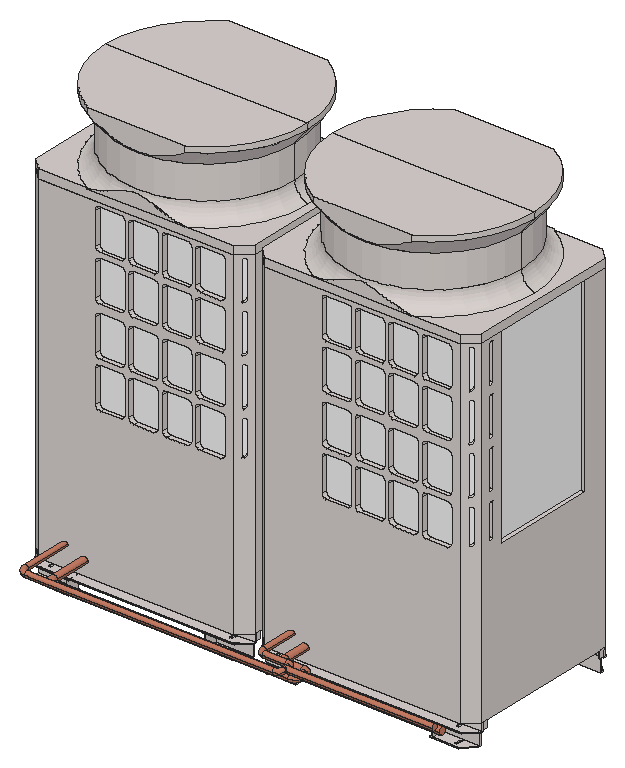
Revit family "PURY-EP550YSNW-A1", category 機械設備, Revit 2016 (continued)
Definition of nested family "PURY-EP250YNW-A1"
  Dimensions and locks
    cut or joined group 1 (Extrusion 1, Extrusion 2, Extrusion 3, Extrusion 4, Extrusion 5, Extrusion 6, Extrusion 7, Extrusion 8, Extrusion 9, Extrusion 10, Extrusion 11, Extrusion 12, Extrusion 13, Extrusion 14, Extrusion 15, Extrusion 16, Extrusion 17, Extrusion 20, Extrusion 21, Extrusion 22, Extrusion 23, Extrusion 24, Extrusion 25, Extrusion 26, Extrusion 27, Extrusion 28, Extrusion 29, Extrusion 30, Extrusion 31, Extrusion 32) to cut or joined group 1 = 820.000 mm
    cut or joined group 1 to cut or joined group 1 = 920.000 mm
    cut or joined group 1 to cut or joined group 1 = 740.000 mm
    nested 5 to cut or joined group 1 = 80.000 mm
    cut or joined group 1 to nested 4 to nested 5 = 80.000 mm, 760.000 mm
    cut or joined group 1 to nested 2 = 29.500 mm
    cut or joined group 1 to nested 3 to nested 2 = 29.500 mm, 681.000 mm
    cut or joined group 1 to cut or joined group 1 = 35.000 mm
    plane 6 "44" to cut or joined group 1 = 3.536 mm
    Extrusion 25 sketch curve to Extrusion 25 sketch curve = 20.000 mm
    cut or joined group 1 to cut or joined group 1 = 50.000 mm
    locked: Extrusion 19 to nested 2 at 116
    curve 137 to nested 2 = 90.000 mm
    curve 135 to nested 2 = 125.000 mm
    curve 133 to nested 2 = 110.000 mm
    cut or joined group 1 to curve 133 = 132.000 mm
    cut or joined group 1 to curve 135 = 207.000 mm
    cut or joined group 1 to curve 137 = 256.000 mm
    cut or joined group 1 to curve 126 to curve 128 = 125.000 mm, 148.000 mm
    curve 127 to curve 125 to nested 2 = 84.000 mm, 71.000 mm
    cut or joined group 1 to Extrusion 19 = 198.000 mm
    cut or joined group 1 to Extrusion 18 = 181.000 mm
    cut or joined group 1 to curve 29 = 166.000 mm
    cut or joined group 1 to curve 27 = 185.000 mm
    cut or joined group 1 to curve 28 = 110.000 mm
    curve 27 to cut or joined group 1 = 152.000 mm
    curve 28 to cut or joined group 1 = 172.000 mm
    curve 29 to cut or joined group 1 = 216.000 mm
    cut or joined group 1 to curve 9 to curve 11 = 79.000 mm, 94.000 mm
    cut or joined group 1 to curve 12 to curve 10 = 128.000 mm, 150.000 mm
    cut or joined group 1 to plane 10 = 160.000 mm
    cut or joined group 1 to plane 11 = 243.000 mm
    nested 4 to nested 4 = 60.000 mm
    cut or joined group 1 to nested 2 = 32.000 mm
    nested 4 to nested 4 = 56.000 mm
    nested 2 to nested 2 to nested 2 = 20.000 mm, 54.000 mm
    nested 3 to nested 2 = 592.000 mm
    nested 3 to nested 3 = 20.000 mm
    aligned and locked: level to plane 2
    aligned and locked: nested 2 to nested 4
    aligned and locked: nested 2 to nested 5
  Nested families
    nested 1: "FAN GUARD" at (0, 0, 861), type "FAN GUARD"
      with WIDTH 920.000 mm
    nested 2: "BASE LEG" at (0, -352, 60), type "BASE LEG"
      with Width 920.000 mm
    nested 3: "BASE LEG" at (0, 352, 60), type "BASE LEG"
      with Width 920.000 mm
    nested 4: "ATTACHMENT LEG" at (-374, -349, 0), type "ATTACHMENT LEG"
    nested 5: "ATTACHMENT LEG" at (374, -349, 0) x (-1, 0, 0) z (0, 0, 1), type "ATTACHMENT LEG"
    nested 6: "ATTACHMENT LEG" at (-374, 349, 0), type "ATTACHMENT LEG"
    nested 7: "ATTACHMENT LEG" at (374, 349, 0) x (-1, 0, 0) z (0, 0, 1), type "ATTACHMENT LEG"
  Connectors
    piping at (-217, -189, 176), diameter 22.2, driven by "Gas pipe_radius"
      settings: on Extrusion 18, index 3, connector inside diameter 22.2 mm, connector length 0.000 mm, flow factor 0, pipe flow 0.0 L/s, pressure drop 0.0 Pa, fitting loss kfactor 0, connector angle 0.00°, fixture units 0, engagement length 0.000 mm, angle of deflection 0.00°, flow configuration 0, flow direction 0, fitting loss method 0, system type 22, joint type 0, gender type 0, connector reference index -1, connector utility 0, adjustable connector no, is connector primary yes, connector description "Refrigerant service valve (gas)"
    piping at (-300, -172, 176), diameter 9.52, driven by "Liquid pipe_radius"
      settings: on Extrusion 19, index 4, connector inside diameter 9.52 mm, connector length 0.000 mm, flow factor 0, pipe flow 0.0 L/s, pressure drop 0.0 Pa, fitting loss kfactor 0, connector angle 0.00°, fixture units 0, engagement length 0.000 mm, angle of deflection 0.00°, flow configuration 0, flow direction 0, fitting loss method 0, system type 22, joint type 0, gender type 0, connector reference index -1, connector utility 0, adjustable connector no, is connector primary no, connector description "Refrigerant service valve (Liquid)"
    electrical at (0, -370, 808)
      settings: on cut or joined group 1, index 5, voltage 415 V, apparent load 0 VA, apparent load phase1 0 VA, apparent load phase2 0 VA, apparent load phase3 0 VA, power factor 1, load classification none, number of poles 3, system type 30, power factor state 1, is connector primary yes, connector utility no, sub classification motor no, connector description ""
  Definition of nested family "FAN GUARD"
    Parameters
      WIDTH [instance] = 920.000 mm
    Reference planes
      plane 1 "中心(正面/背面)": y = 0
      plane 2: z = 0
      plane 3 "中心(左/右)": x = 0
      plane 4 "ファンガード基準面": z = 660
      plane 5: y = 370
      plane 6: y = -370
      plane 7: x = 460
      plane 8: x = -460
      plane 9 "ファンガード基準上面": z = 694
      plane 10 "ファンガード上面": z = 997
    Forms (mm)
      Extrusion 1, solid
        sketch origin (0, 0, 660) x (-1, 0, 0) y (0, -1, 0)
          loop
            line (410, -370) -> (460, -320) -> (460, 320) -> (410, 370) -> (-410, 370) -> (-460, 320) -> (-460, -320) -> (-410, -370) -> (410, -370)
        from 0 to 34
      Revolve 2, solid
        sketch origin (0, 0, 0) x (1, 0, 0) y (0, 0, 1)
          loop
            line (0, 694) -> (0, 997) -> (-423, 997) -> (-423, 973) -> (-368.829, 903.664) -> (-368.829, 764.141)
            arc (-368.829, 764.141) -> (-384.109, 719.678) -> (-423.494, 694) r 72.332
            line (-423.494, 694) -> (0, 694)
          axis (0, 997) -> (0, 694)
        angle from 0 to 360
      Extrusion 3, void
        sketch origin (0, 0, 694) x (-1, 0, 0) y (0, -1, 0)
          loop
            line (345, -370) -> (-345, -370) -> (-345, -545) -> (345, -545) -> (345, -370)
          loop
            line (345, 370) -> (345, 539.592) -> (-345, 539.592) -> (-345, 370) -> (345, 370)
        from 0 to 400
    Cuts and joins
      Extrusion 3 cuts Revolve 2
    Lines and regions (mm)
      model lines
        curve 1: line (-423, 0, 997) -> (-80, 0, 997)
        curve 2: line (80, 0, 997) -> (423, 0, 997)
        curve 3: circle (0, 0, 997) r 80 normal (0, 0, 1)
        curve 4: line (-415.366, -80, 997) -> (415.366, -80, 997)
        curve 5: line (-391.572, -160, 997) -> (391.572, -160, 997)
        curve 6: line (-348.323, -240, 997) -> (348.323, -240, 997)
        curve 7: line (-276.639, -320, 997) -> (276.639, -320, 997)
        curve 8: line (-415.366, 80, 997) -> (415.366, 80, 997)
        curve 9: line (-391.572, 160, 997) -> (391.572, 160, 997)
        curve 10: line (-348.323, 240, 997) -> (348.323, 240, 997)
        curve 11: line (-276.639, 320, 997) -> (276.639, 320, 997)
        curve 12: line (0, 370, 997) -> (0, -370, 997)
        curve 13: line (-20, 370, 997) -> (-20, -370, 997)
        curve 14: line (-40, 370, 997) -> (-40, -370, 997)
        curve 15: line (-60, 370, 997) -> (-60, -370, 997)
        curve 16: line (-80, 370, 997) -> (-80, -370, 997)
        curve 17: line (20, 370, 997) -> (20, -370, 997)
        curve 18: line (40, 370, 997) -> (40, -370, 997)
        curve 19: line (60, 370, 997) -> (60, -370, 997)
        curve 20: line (80, 370, 997) -> (80, -370, 997)
        curve 21: line (100, 370, 997) -> (100, -370, 997)
        curve 22: line (120, 370, 997) -> (120, -370, 997)
        curve 23: line (140, 370, 997) -> (140, -370, 997)
        curve 24: line (160, 370, 997) -> (160, -370, 997)
        curve 25: line (180, 370, 997) -> (180, -370, 997)
        curve 26: line (200, 370, 997) -> (200, -370, 997)
        curve 27: line (220, 361.288, 997) -> (220, -361.288, 997)
        curve 28: line (240, 348.323, 997) -> (240, -348.323, 997)
        curve 29: line (260, 333.66, 997) -> (260, -333.66, 997)
        curve 30: line (280, 317.063, 997) -> (280, -317.063, 997)
        curve 31: line (300, 298.21, 997) -> (300, -298.21, 997)
        curve 32: line (320, 276.639, 997) -> (320, -276.639, 997)
        curve 33: line (340, 251.653, 997) -> (340, -251.653, 997)
        curve 34: line (360, 222.101, 997) -> (360, -222.101, 997)
        curve 35: line (380, 185.82, 997) -> (380, -185.82, 997)
        curve 36: line (400, 137.583, 997) -> (400, -137.583, 997)
        curve 37: line (420, 50.289, 997) -> (420, -50.289, 997)
        curve 38: line (-100, 370, 997) -> (-100, -370, 997)
        curve 39: line (-120, 370, 997) -> (-120, -370, 997)
        curve 40: line (-140, 370, 997) -> (-140, -370, 997)
        curve 41: line (-160, 370, 997) -> (-160, -370, 997)
        curve 42: line (-180, 370, 997) -> (-180, -370, 997)
        curve 43: line (-200, 370, 997) -> (-200, -370, 997)
        curve 44: line (-220, 361.288, 997) -> (-220, -361.288, 997)
        curve 45: line (-240, 348.323, 997) -> (-240, -348.323, 997)
        curve 46: line (-260, 333.66, 997) -> (-260, -333.66, 997)
        curve 47: line (-280, 317.063, 997) -> (-280, -317.063, 997)
        curve 48: line (-300, 298.21, 997) -> (-300, -298.21, 997)
        curve 49: line (-320, 276.639, 997) -> (-320, -276.639, 997)
        curve 50: line (-340, 251.653, 997) -> (-340, -251.653, 997)
        curve 51: line (-360, 222.101, 997) -> (-360, -222.101, 997)
        curve 52: line (-380, 185.82, 997) -> (-380, -185.82, 997)
        curve 53: line (-400, 137.583, 997) -> (-400, -137.583, 997)
        curve 54: line (-420, 50.289, 997) -> (-420, -50.289, 997)
        curve 55: line (10, 79.373, 997) -> (10, -79.373, 997)
        curve 56: line (-10, 79.373, 997) -> (-10, -79.373, 997)
        curve 57: line (30, 74.162, 997) -> (30, -74.162, 997)
        curve 58: line (50, 62.45, 997) -> (50, -62.45, 997)
        curve 59: line (70, 38.73, 997) -> (70, -38.73, 997)
        curve 60: line (-30, 74.162, 997) -> (-30, -74.162, 997)
        curve 61: line (-50, 62.45, 997) -> (-50, -62.45, 997)
        curve 62: line (-70, 38.73, 997) -> (-70, -38.73, 997)
    Dimensions and locks
      "WIDTH": plane 8 to plane 7
      locked: plane 6 to plane 5 at 740
      equal spacing: plane 8, plane 3 "中心(左/右)", plane 7
      equal spacing: plane 6, plane 1 "中心(正面/背面)", plane 5
      plane 3 "中心(左/右)" to Revolve 2 sketch curve = 423.000 mm
      locked: plane 10 "ファンガード上面" to plane 9 "ファンガード基準上面" at 303
      aligned and locked: level to plane 2
      aligned and locked: plane 5 to Extrusion 1 sketch curve
      aligned and locked: Extrusion 1 sketch curve to plane 6
      aligned and locked: plane 8 to Extrusion 1 sketch curve
      aligned and locked: plane 7 to Extrusion 1 sketch curve
      aligned and locked: plane 9 "ファンガード基準上面" to Extrusion 1
      aligned and locked: plane 4 "ファンガード基準面" to Extrusion 1
      aligned and locked: plane 9 "ファンガード基準上面" to Revolve 2 sketch curve
      aligned and locked: Revolve 2 sketch curve to plane 3 "中心(左/右)"
      aligned and locked: Extrusion 1 to Extrusion 3 sketch curve
      aligned and locked: Extrusion 3 sketch curve to Extrusion 1
      aligned and locked: cut or joined group of Revolve 2, Extrusion 3 to plane 10 "ファンガード上面"
    Automatic sketch dimensions
      Extrusion 1 sketch curve to plane 7 = 50.000 mm  (x2)
      plane 8 to Extrusion 1 sketch curve = 50.000 mm  (x2)
      plane 5 to Extrusion 1 sketch curve = 50.000 mm  (x2)
      Extrusion 1 sketch curve to plane 6 = 50.000 mm  (x2)
      plane 3 "中心(左/右)" to Extrusion 3 sketch curve = 345.000 mm  (x2)
      Extrusion 3 sketch curve to plane 3 "中心(左/右)" = 345.000 mm  (x2)
      Extrusion 3 sketch curve to Extrusion 3 sketch curve = 175.000 mm
      Extrusion 3 sketch curve to Extrusion 3 sketch curve = 169.592 mm
      plane 1 "中心(正面/背面)" to curve 2 = 0.000 mm
      plane 1 "中心(正面/背面)" to curve 3 = 0.000 mm
      curve 3 to plane 3 "中心(左/右)" = 0.000 mm
      curve 12 to plane 3 "中心(左/右)" = 0.000 mm
      plane 1 "中心(正面/背面)" to curve 1 = 0.000 mm
      plane 3 "中心(左/右)" to curve 55 = 10.000 mm
      curve 17 to curve 12 = 20.000 mm
      curve 57 to curve 55 = 20.000 mm
      curve 18 to curve 17 = 20.000 mm
      curve 58 to curve 57 = 20.000 mm
      curve 19 to curve 18 = 20.000 mm
      curve 59 to curve 58 = 20.000 mm
      curve 20 to curve 19 = 20.000 mm
      curve 2 to curve 59 = 10.000 mm
      curve 21 to curve 20 = 20.000 mm
      curve 22 to curve 21 = 20.000 mm
      curve 23 to curve 22 = 20.000 mm
      curve 24 to curve 23 = 20.000 mm
      curve 25 to curve 24 = 20.000 mm
      curve 26 to curve 25 = 20.000 mm
      curve 27 to curve 26 = 20.000 mm
      curve 28 to curve 27 = 20.000 mm
      curve 29 to curve 28 = 20.000 mm
      curve 11 to curve 29 = 16.639 mm
      curve 7 to curve 29 = 16.639 mm
      curve 30 to curve 7 = 3.361 mm
      curve 31 to curve 30 = 20.000 mm
      curve 32 to curve 31 = 20.000 mm
      curve 33 to curve 32 = 20.000 mm
      curve 6 to curve 33 = 8.323 mm
      curve 10 to curve 33 = 8.323 mm
      curve 34 to curve 10 = 11.677 mm
      curve 35 to curve 34 = 20.000 mm
      curve 9 to curve 35 = 11.572 mm
      curve 5 to curve 35 = 11.572 mm
      curve 36 to curve 9 = 8.428 mm
      curve 8 to curve 36 = 15.366 mm
      curve 4 to curve 36 = 15.366 mm
      curve 37 to curve 8 = 4.634 mm
      curve 2 to curve 37 = 3.000 mm
      curve 56 to plane 3 "中心(左/右)" = 10.000 mm
      curve 13 to plane 3 "中心(左/右)" = 20.000 mm
      curve 56 to curve 60 = 20.000 mm
      curve 13 to curve 14 = 20.000 mm
      curve 60 to curve 61 = 20.000 mm
      curve 14 to curve 15 = 20.000 mm
      curve 61 to curve 62 = 20.000 mm
      curve 15 to curve 16 = 20.000 mm
      curve 16 to curve 38 = 20.000 mm
      curve 38 to curve 39 = 20.000 mm
      curve 39 to curve 40 = 20.000 mm
      curve 40 to curve 41 = 20.000 mm
      curve 41 to curve 42 = 20.000 mm
      curve 42 to curve 43 = 20.000 mm
      curve 43 to curve 44 = 20.000 mm
      curve 44 to curve 45 = 20.000 mm
      curve 45 to curve 46 = 20.000 mm
      curve 46 to curve 7 = 16.639 mm
      curve 46 to curve 11 = 16.639 mm
      curve 7 to curve 47 = 3.361 mm
      curve 47 to curve 48 = 20.000 mm
      curve 48 to curve 49 = 20.000 mm
      curve 49 to curve 50 = 20.000 mm
      curve 50 to curve 6 = 8.323 mm
      curve 50 to curve 10 = 8.323 mm
      curve 10 to curve 51 = 11.677 mm
      curve 51 to curve 52 = 20.000 mm
      curve 52 to curve 9 = 11.572 mm
      curve 52 to curve 5 = 11.572 mm
      curve 5 to curve 53 = 8.428 mm
      curve 53 to curve 4 = 15.366 mm
      curve 53 to curve 8 = 15.366 mm
      curve 4 to curve 54 = 4.634 mm
      curve 54 to curve 1 = 3.000 mm
      curve 8 to plane 1 "中心(正面/背面)" = 80.000 mm
      curve 36 to curve 8 = 57.583 mm
      curve 53 to curve 8 = 57.583 mm
      curve 9 to curve 36 = 22.417 mm
      curve 52 to curve 9 = 25.820 mm
      curve 35 to curve 9 = 25.820 mm
      curve 51 to curve 52 = 36.282 mm
      curve 34 to curve 35 = 36.282 mm
      curve 10 to curve 51 = 17.899 mm
      curve 33 to curve 10 = 11.653 mm
      curve 50 to curve 10 = 11.653 mm
      curve 49 to curve 50 = 24.986 mm
      curve 32 to curve 33 = 24.986 mm
      curve 48 to curve 49 = 21.571 mm
      curve 31 to curve 32 = 21.571 mm
      curve 47 to curve 48 = 18.853 mm
      curve 30 to curve 31 = 18.853 mm
      curve 11 to curve 30 = 2.937 mm
      curve 29 to curve 11 = 13.660 mm
      curve 46 to curve 11 = 13.660 mm
      curve 28 to curve 29 = 14.663 mm
      curve 45 to curve 46 = 14.663 mm
      curve 44 to curve 45 = 12.965 mm
      curve 27 to curve 28 = 12.965 mm
      curve 12 to curve 27 = 8.712 mm
      curve 12 to curve 21 = 0.000 mm
      curve 13 to curve 12 = 0.000 mm
      curve 14 to curve 13 = 0.000 mm  (x2)
      curve 12 to curve 18 = 0.000 mm
      curve 21 to curve 23 = 0.000 mm
      curve 43 to curve 44 = 8.712 mm
      curve 23 to curve 24 = 0.000 mm  (x2)
      curve 43 to curve 42 = 0.000 mm  (x2)
      curve 24 to curve 25 = 0.000 mm  (x2)
      curve 42 to curve 41 = 0.000 mm  (x2)
      curve 25 to curve 26 = 0.000 mm  (x2)
      curve 41 to curve 40 = 0.000 mm  (x2)
      curve 20 to curve 21 = 0.000 mm  (x2)
      curve 40 to curve 39 = 0.000 mm  (x2)
      curve 15 to curve 14 = 0.000 mm
      curve 39 to curve 38 = 0.000 mm
      curve 38 to curve 16 = 0.000 mm  (x2)
      curve 18 to curve 19 = 0.000 mm  (x2)
      curve 12 to curve 17 = 0.000 mm  (x2)
      curve 21 to curve 22 = 0.000 mm  (x2)
      curve 8 to curve 37 = 29.711 mm
      curve 8 to curve 54 = 29.711 mm
      plane 1 "中心(正面/背面)" to curve 37 = 50.289 mm
      plane 1 "中心(正面/背面)" to curve 54 = 50.289 mm
      curve 37 to curve 4 = 29.711 mm
      curve 4 to curve 36 = 57.583 mm
      curve 4 to curve 53 = 57.583 mm
      curve 36 to curve 5 = 22.417 mm
      curve 5 to curve 52 = 25.820 mm
      curve 5 to curve 35 = 25.820 mm
      curve 35 to curve 34 = 36.282 mm
      curve 52 to curve 51 = 36.282 mm
      curve 51 to curve 6 = 17.899 mm
      curve 6 to curve 50 = 11.653 mm
      curve 6 to curve 33 = 11.653 mm
      curve 50 to curve 49 = 24.986 mm
      curve 33 to curve 32 = 24.986 mm
      curve 49 to curve 48 = 21.571 mm
      curve 32 to curve 31 = 21.571 mm
      curve 48 to curve 47 = 18.853 mm
      curve 31 to curve 30 = 18.853 mm
      curve 30 to curve 7 = 2.937 mm
      curve 7 to curve 46 = 13.660 mm
      curve 7 to curve 29 = 13.660 mm
      curve 29 to curve 28 = 14.663 mm
      curve 46 to curve 45 = 14.663 mm
      curve 45 to curve 44 = 12.965 mm
      curve 28 to curve 27 = 12.965 mm
      curve 44 to curve 13 = 8.712 mm
      curve 27 to curve 23 = 8.712 mm
      curve 15 to curve 13 = 0.000 mm
      curve 44 to curve 42 = 8.712 mm
      curve 16 to curve 15 = 0.000 mm
      curve 22 to curve 23 = 0.000 mm
      curve 13 to curve 17 = 0.000 mm
      curve 17 to curve 19 = 0.000 mm
      Revolve 2 sketch curve to plane 3 "中心(左/右)" = 0.000 mm
      Revolve 2 sketch curve to plane 10 "ファンガード上面" = 0.000 mm
      plane 9 "ファンガード基準上面" to Revolve 2 sketch curve = 70.141 mm
      Revolve 2 sketch curve to Revolve 2 sketch curve = 18.161 mm
      Revolve 2 sketch curve to level = 1700.815 mm
      Revolve 2 sketch curve to plane 10 "ファンガード上面" = 93.336 mm
      Revolve 2 sketch curve to plane 10 "ファンガード上面" = 24.000 mm
      Revolve 2 sketch curve to Revolve 2 sketch curve = 790.769 mm
      Revolve 2 sketch curve to Revolve 2 sketch curve = 17.668 mm
  Definition of nested family "BASE LEG"
    Parameters
      Width [instance] = 920.000 mm
    Reference planes
      plane 1 "中心(正面/背面)": y = 0
      plane 2: z = 0
      plane 3 "中心(左/右)": x = 0
      plane 4: x = 460
      plane 5: x = -460
      plane 6: x = -380
      plane 7: x = 380
      plane 8: y = -18
      plane 9: y = 39
      plane 10: z = 53
      plane 11: y = 42
      plane 12: y = 27
      plane 13: x = 415
      plane 14: x = -415
      plane 15: z = 8
      plane 16: y = 11.5
      plane 17: z = 35
    Forms (mm)
      Extrusion 1, solid
        sketch origin (0, 0, 0) x (0, 1, 0) y (0, 0, 1)
          loop
            line (-18, 0) -> (36, 0) -> (36, 32) -> (56, 32) -> (56, 35) -> (33, 35) -> (33, 3) -> (-18, 3) -> (-18, 0)
        from -460 to 460
      Extrusion 2, void
        sketch origin (0, 0, 0) x (1, 0, 0) y (0, 1, 0)
          loop
            line (415, -18) -> (460, -18) -> (460, 27) -> (415, -18)
          loop
            line (-415, -18) -> (-460, 27) -> (-460, -18) -> (-415, -18)
        from 0 to 250
      Extrusion 3, void
        sketch origin (0, 12.023, 0) x (1, 0, 0) y (0, 1, 0)
          loop
            arc (373, -2.971) -> (380, -9.971) -> (387, -2.971) r 7
            line (387, -2.971) -> (387, 3.023)
            arc (387, 3.023) -> (380, 10.023) -> (373, 3.023) r 7
            line (373, 3.023) -> (373, -2.971)
          loop
            line (-373, -2.971) -> (-373, 3.023)
            arc (-373, 3.023) -> (-380, 10.023) -> (-387, 3.023) r 7
            line (-387, 3.023) -> (-387, -2.971)
            arc (-387, -2.971) -> (-380, -9.971) -> (-373, -2.971) r 7
        from 0 to 250
      Extrusion 4, solid
        sketch origin (0, 0, -3) x (1, 0, 0) y (0, 0, 1)
          loop
            line (457, 8) -> (460, 8) -> (460, 35) -> (457, 35) -> (457, 8)
          loop
            line (-457, 8) -> (-457, 35) -> (-460, 35) -> (-460, 8) -> (-457, 8)
        from -36 to -56
      Extrusion 5, solid
        sketch origin (150, 352, 0) x (1, 0, 0) y (0, 1, 0)
          loop
            line (310, -319) -> (305, -319) -> (305, -320) -> (255, -370) -> (260, -370) -> (310, -320) -> (310, -319)
        from 3 to 35
      Extrusion 6, void
        sketch origin (410, -18, 0) x (0.707107, 0.707107, 0) y (0, 0, 1)
          loop
            line (70.711, 3) -> (-6.741, 39.767) -> (-6.741, 3) -> (70.711, 3)
        from -190.256 to 23.776
      Extrusion 7, solid
        sketch origin (-150, 352, 0) x (-1, 0, 0) y (0, -1, 0)
          loop
            line (310, 319) -> (310, 320) -> (260, 370) -> (255, 370) -> (305, 320) -> (305, 319) -> (310, 319)
        from 3 to 35
      Extrusion 8, void
        sketch origin (-410, -18, 0) x (0.707107, -0.707107, 0) y (0, 0, -1)
          loop
            line (-70.711, -3) -> (0, -35) -> (6.741, -35) -> (6.741, -3) -> (-70.711, -3)
        from -190.256 to 23.776
    Cuts and joins
      Extrusion 2, Extrusion 3 cuts Extrusion 1
      joined: Extrusion 1, Extrusion 4
      Extrusion 8 cuts Extrusion 7
      Extrusion 6 cuts Extrusion 5
    Dimensions and locks
      "Width": plane 5 to plane 4
      equal spacing: plane 5, plane 3 "中心(左/右)", plane 4
      locked: plane 5 to plane 6 at 80
      locked: plane 7 to plane 4 at 80
      locked: plane 8 to plane 9 at 57
      locked: plane 10 to level at 53
      locked: plane 9 to plane 11 at 3
      plane 8 to plane 12 = 45.000 mm
      locked: plane 13 to plane 4 at 45
      locked: plane 5 to plane 14 at 45
      equal spacing: Extrusion 3 sketch curve, plane 7, Extrusion 3 sketch curve
      equal spacing: Extrusion 3 sketch curve, plane 6, Extrusion 3 sketch curve
      locked: plane 10 to plane 15 at 45
      locked: cut or joined group of Extrusion 1, Extrusion 2, Extrusion 3, Extrusion 4 to Extrusion 4 sketch curve at 3  (x2)
      locked: plane 8 to plane 16 at 29.5
      plane 8 to plane 11 = 60.000 mm
      cut or joined group of Extrusion 1, Extrusion 2, Extrusion 3, Extrusion 4 to cut or joined group of Extrusion 1, Extrusion 2, Extrusion 3, Extrusion 4 = 35.000 mm
      aligned and locked: level to plane 2
      aligned and locked: plane 8 to Extrusion 1 sketch curve
      aligned and locked: plane 4 to Extrusion 1
      aligned and locked: Extrusion 1 to plane 5
      aligned and locked: Extrusion 2 sketch curve to plane 4
      aligned and locked: Extrusion 2 sketch curve to plane 8
      aligned and locked: plane 12 to Extrusion 2 sketch curve
      aligned and locked: plane 13 to Extrusion 2 sketch curve
      aligned and locked: plane 4 to Extrusion 4 sketch curve
      aligned and locked: plane 5 to Extrusion 4 sketch curve
      aligned and locked: cut or joined group of Extrusion 7, Extrusion 8 to cut or joined group of Extrusion 1, Extrusion 2, Extrusion 3, Extrusion 4
    Automatic sketch dimensions
      Extrusion 3 sketch curve to plane 1 "中心(正面/背面)" = 9.052 mm  (x2)
      Extrusion 3 sketch curve to plane 7 = 7.000 mm
      Extrusion 3 sketch curve to plane 1 "中心(正面/背面)" = 15.046 mm  (x2)
      Extrusion 3 sketch curve to plane 6 = 7.000 mm
      Extrusion 2 sketch curve to plane 5 = 0.000 mm
      plane 8 to Extrusion 2 sketch curve = 0.000 mm
      Extrusion 2 sketch curve to plane 14 = 0.000 mm
      plane 12 to Extrusion 2 sketch curve = 0.000 mm
      Extrusion 4 sketch curve to plane 10 = 21.000 mm
      plane 7 to Extrusion 5 sketch curve = 25.000 mm
      Extrusion 5 sketch curve to Extrusion 5 sketch curve = 5.000 mm  (x2)
      plane 7 to Extrusion 5 sketch curve = 75.000 mm
      plane 8 to Extrusion 5 sketch curve = 0.000 mm
      Extrusion 5 sketch curve to Extrusion 5 sketch curve = 50.000 mm
      Extrusion 5 sketch curve to Extrusion 5 sketch curve = 0.000 mm
      Extrusion 5 sketch curve to Extrusion 5 sketch curve = 1.000 mm
      Extrusion 6 sketch curve to Extrusion 5 = 0.000 mm  (x2)
      Extrusion 6 sketch curve to Extrusion 5 = 6.741 mm
      Extrusion 6 sketch curve to Extrusion 5 = 4.767 mm
      plane 6 to Extrusion 7 sketch curve = 25.000 mm
      Extrusion 7 sketch curve to Extrusion 7 sketch curve = 5.000 mm  (x2)
      Extrusion 7 sketch curve to Extrusion 7 sketch curve = 45.000 mm
      Extrusion 7 sketch curve to plane 8 = 0.000 mm
      Extrusion 7 sketch curve to Extrusion 7 sketch curve = 50.000 mm
      Extrusion 7 sketch curve to Extrusion 7 sketch curve = 0.000 mm
      Extrusion 7 sketch curve to Extrusion 7 sketch curve = 1.000 mm
      Extrusion 8 sketch curve to Extrusion 7 = 0.000 mm  (x2)
      Extrusion 7 to Extrusion 8 sketch curve = 0.000 mm  (x2)
      Extrusion 7 to Extrusion 8 sketch curve = 6.741 mm
      Extrusion 4 sketch curve to plane 17 = 3.000 mm
      Extrusion 4 sketch curve to plane 15 = 3.000 mm  (x2)
      Extrusion 1 sketch curve to plane 17 = 0.000 mm
      Extrusion 1 sketch curve to level = 0.000 mm
      level to Extrusion 1 sketch curve = 3.000 mm
      plane 9 to Extrusion 1 sketch curve = 6.000 mm
      plane 9 to Extrusion 1 sketch curve = 3.000 mm
      Extrusion 1 sketch curve to plane 17 = 3.000 mm
      Extrusion 1 sketch curve to plane 11 = 14.000 mm
  Definition of nested family "ATTACHMENT LEG"
    Parameters
      Width = 145.000 mm
    Reference planes
      plane 1: z = 0
      plane 2 "中心(左/右)": x = -6
      plane 3: x = -52
      plane 4: x = 85
      plane 5: x = 93
      plane 6: y = -21
      plane 7: y = 27
      plane 8: x = -30
      plane 9: y = 39
      plane 10: z = 60
      plane 11: z = 57
      plane 12: z = 3
      plane 13: x = 82
      plane 14: y = 36
      plane 15: x = -75
      plane 16: y = 31
      plane 17 "幅": x = 93
      plane 18: y = 2.5
      plane 19: y = 21
      plane 20: y = -10
    Forms (mm)
      Extrusion 1, solid
        sketch origin (0, -1, 0) x (1, 0, 0) y (0, 1, 0)
          loop
            line (-75, 36) -> (-75, 27) -> (-28, -20) -> (93, -20) -> (93, 32) -> (85, 32) -> (85, 36) -> (-75, 36)
        from 0 to 60
      Extrusion 2, void
        sketch origin (0, -3, 0) x (1, 0, 0) y (0, 0, 1)
          loop
            line (-75, 57) -> (-75, 3) -> (82, 3) -> (82, 57) -> (-75, 57)
          loop
            line (93, 57) -> (85, 57) -> (85, 3) -> (93, 3) -> (93, 57)
        from -35 to 18
      Extrusion 3, void
        sketch origin (-6, 5.5, 0) x (1, 0, 0) y (0, 1, 0)
          loop
            arc (-7, -8.5) -> (0, -15.5) -> (7, -8.5) r 7
            line (7, -8.5) -> (7, 8.5)
            arc (7, 8.5) -> (0, 15.5) -> (-7, 8.5) r 7
            line (-7, 8.5) -> (-7, -8.5)
        from 0 to 60
    Cuts and joins
      Extrusion 2, Extrusion 3 cuts Extrusion 1
    Dimensions and locks
      locked: plane 3 to plane 4 at 137
      locked: plane 3 to plane 5 at 145
      plane 6 to plane 7 = 48.000 mm
      locked: plane 10 to level at 60
      Extrusion 3 sketch curve to plane 2 "中心(左/右)" = 7.000 mm
      locked: plane 15 to plane 2 "中心(左/右)" at 69
      locked: plane 15 to plane 8 at 45
      locked: plane 6 to plane 18 at 23.5
      cut or joined group of Extrusion 1, Extrusion 2, Extrusion 3 to cut or joined group of Extrusion 1, Extrusion 2, Extrusion 3 = 168.000 mm
      cut or joined group of Extrusion 1, Extrusion 2, Extrusion 3 to cut or joined group of Extrusion 1, Extrusion 2, Extrusion 3 = 56.000 mm  (x2)
      plane 14 to plane 6 = 57.000 mm
      aligned and locked: level to plane 1
      aligned and locked: Extrusion 1 sketch curve to plane 4
      aligned and locked: Extrusion 1 sketch curve to plane 5
      aligned: plane 8 to Extrusion 1 sketch curve
      aligned and locked: plane 10 to Extrusion 1
      aligned and locked: Extrusion 2 sketch curve to plane 11
      aligned: plane 3 to Extrusion 2 sketch curve
      aligned and locked: plane 12 to Extrusion 2 sketch curve
      aligned and locked: Extrusion 2 sketch curve to plane 13
      aligned and locked: plane 6 to Extrusion 2
      aligned and locked: plane 11 to Extrusion 2 sketch curve
      aligned and locked: plane 5 to Extrusion 2 sketch curve
      aligned and locked: Extrusion 2 sketch curve to plane 12
      aligned and locked: Extrusion 2 sketch curve to plane 4
      aligned and locked: plane 15 to Extrusion 1 sketch curve
      aligned and locked: Extrusion 2 sketch curve to cut or joined group of Extrusion 1, Extrusion 2, Extrusion 3
      aligned and locked: Extrusion 1 to plane 16
Types (6, lengths in mm): name | Voltage | InstallationDate | Hertz | Heating Rated Load Ampacity (A) | Heating Current Input (Nominal) (A) | Heating Current Input (A) | Equip_description | Equip_ID | Description | CreatedOn | CreatedBy | Cooling Rated Load Ampacity (A) | Cooling Current Input (A) | Category | Barcode | AssetIdentifier
  PURY-EP550YSNW-A1_380V_50Hz | 380 V | "" | 50 Hz | 29.2 | 25.1 | 29.2 | "" | "" | "" | "" | "" | 26.8 | 26.8 | "" | "" | ""
  PURY-EP550YSNW-A1_380V_60Hz | 380 V | "0" | 60 Hz | 29.2 | 25.1 | 29.2 | "0" | "0" | "0" | "0" | "0" | 26.8 | 26.8 | "0" | "0" | "0"
  PURY-EP550YSNW-A1_400V_50Hz | 400 V | "0" | 50 Hz | 27.7 | 23.9 | 27.7 | "0" | "0" | "0" | "0" | "0" | 25.4 | 25.4 | "0" | "0" | "0"
  PURY-EP550YSNW-A1_400V_60Hz | 400 V | "0" | 60 Hz | 27.7 | 23.9 | 27.7 | "0" | "0" | "0" | "0" | "0" | 25.4 | 25.4 | "0" | "0" | "0"
  PURY-EP550YSNW-A1_415V_50Hz | 415 V | "0" | 50 Hz | 26.7 | 23 | 26.7 | "0" | "0" | "0" | "0" | "0" | 24.5 | 24.5 | "0" | "0" | "0"
  PURY-EP550YSNW-A1_415V_60Hz | 415 V | "0" | 60 Hz | 26.7 | 23 | 26.7 | "0" | "0" | "0" | "0" | "0" | 24.5 | 24.5 | "0" | "0" | "0"
